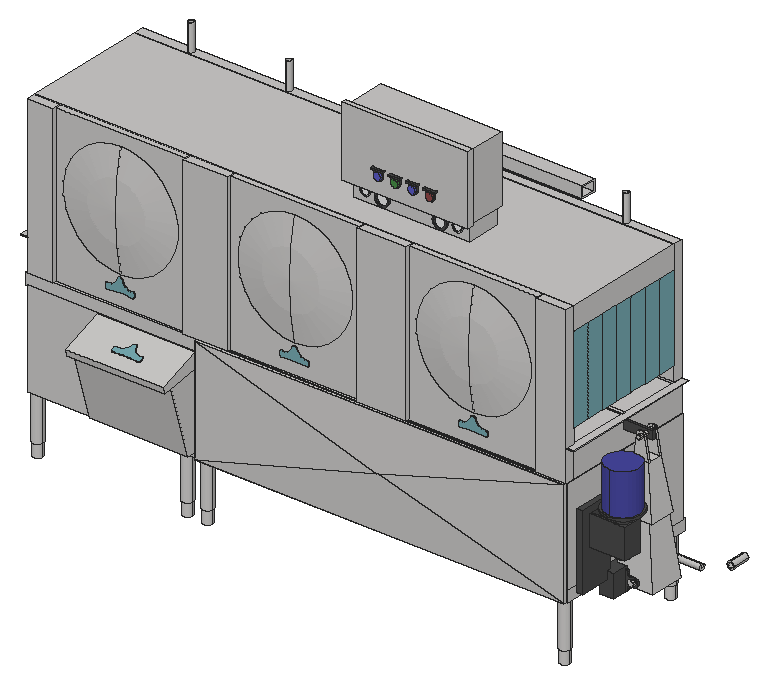
Revit family (continued)
Nested families (in)
  nested 2: "QF_Stero_ER-94S_L-R_S_HW2" at (-1.67228, -48.75, 0), Plumbing Remarks <- "Building Plumbing Remarks", Hot Water Temperature <- "Building Hot Water Temperature", Hot Water Size <- "Building Hot Water Size", Hot Water RI Height <- "Building Hot Water RI Height", Hot Water Minimum Pressure <- "Building Hot Water Minimum Pressure", Hot Water Maximum Pressure <- "Building Hot Water Maximum Pressure", Hot Water Flow <- "Building Hot Water Flow", Hot Water Consumption <- "Building Hot Water Consumption", Hot Water Connection Height <- "Building Hot Water Connection Height", Item Number <- "Building HW Item Number", type "Nested"
    with Plumbing Remarks "", Item Number "-", Hot Water Temperature 140 °F, Hot Water Size Radius 3/8", Hot Water Size 3/4", Hot Water RI Height 0' - 0", Hot Water Minimum Pressure 20.00 psi, Hot Water Maximum Pressure 20.00 psi, Hot Water Flow 0.00 GPM, Hot Water Consumption 2.00 GPM, Hot Water Connection Height 5' - 0"
Connectors (in)
  piping at (61.32772, -51, 6), driven by "Indirect Waste Flow"
    settings: on Extrusion 67, index 1, connector radius 1", flow factor 0, pipe flow 0.00 GPM, pressure drop 0.00 psi, fitting loss kfactor 0, connector angle 0.00°, fixture units 0, flow configuration 1, flow direction 2, fitting loss method 0, system type 16, connector reference index -1, connector utility 0, adjustable connector no, is connector primary yes, fitting loss table "", connector description "Indirect Waste"
  piping at (57.32772, -48.75, 60), driven by "Hot Water Flow"
    settings: on Extrusion 63, index 2, connector radius 3/8", flow factor 0, pipe flow 2.01 GPM, pressure drop 0.00 psi, fitting loss kfactor 0, connector angle 0.00°, fixture units 0, flow configuration 1, flow direction 1, fitting loss method 0, system type 19, connector reference index -1, connector utility 0, adjustable connector no, is connector primary no, fitting loss table "", connector description "Booster Hot Water"
  electrical at (44.32772, -59.9375, 68.5), driven by "Number of Poles", driven by "Volts", driven by "Apparent Power"
    settings: on Extrusion 66, index 3, voltage 208 V, apparent load 6441.14 VA, apparent load phase1 0 VA, apparent load phase2 0 VA, apparent load phase3 0 VA, power factor 1, load classification "Other", number of poles 1, system type 30, power factor state 1, is connector primary yes, connector utility no, sub classification motor no, connector description "Electric"
  hvac at (71.32772, -60.5, 59.5), driven by "Right Exhaust Volume", driven by "Right Exhaust Vent Depth", driven by "Right Exhaust Vent Width", driven by "Right Exhaust Vent Text"
    settings: on cut or joined group of Extrusion 44, Extrusion 45, index 5, duct flow 0 CFM, flow factor 0, pres drop 0.00 in-wg, loss coef 0, conn angle 0.00°, conn width 3 7/8", conn height 24 7/8", conn radius 12", duct sys type 3, conn prof type 1, flow config 1, flow direction 2, loss method 0, conn ref index -1, conn util no, is conn primary no, conn desc "Vent, Unload End"
  piping at (-1.17228, -48.75, 60), driven by "Building Hot Water Flow"
    settings: on Extrusion 77, index 7, connector radius 3/8", flow factor 0, pipe flow 0.00 GPM, pressure drop 0.00 psi, fitting loss kfactor 0, connector angle 0.00°, fixture units 0, flow configuration 1, flow direction 1, fitting loss method 0, system type 19, connector reference index -1, connector utility 0, adjustable connector no, is connector primary no, fitting loss table "", connector description "Building Hot Water"
  hvac at (-32.17228, -60.5, 59.5), driven by "Exhaust Volume", driven by "Exhaust Vent Depth", driven by "Exhaust Vent Width", driven by "Exhaust Vent Text"
    settings: on cut or joined group of Extrusion 81, Extrusion 95, index 8, duct flow 0 CFM, flow factor 0, pres drop 0.00 in-wg, loss coef 0, conn angle 0.00°, conn width 3 7/8", conn height 24 7/8", conn radius 12", duct sys type 3, conn prof type 1, flow config 0, flow direction 2, loss method 0, conn ref index -1, conn util no, is conn primary yes, conn desc "Vent, Load End"
  piping at (-18.17228, -48.75, 60), driven by "Cold Water Flow"
    settings: on Extrusion 96, index 9, connector radius 3/8", flow factor 0, pipe flow 0.00 GPM, pressure drop 0.00 psi, fitting loss kfactor 0, connector angle 0.00°, fixture units 0, flow configuration 1, flow direction 1, fitting loss method 0, system type 20, connector reference index -1, connector utility 0, adjustable connector no, is connector primary no, fitting loss table "", connector description "Cold Water"
  piping at (-6.17228, -51, 6), driven by "Indirect Waste Flow"
    settings: on Extrusion 91, index 10, connector radius 1", flow factor 0, pipe flow 0.00 GPM, pressure drop 0.00 psi, fitting loss kfactor 0, connector angle 0.00°, fixture units 0, flow configuration 1, flow direction 2, fitting loss method 0, system type 16, connector reference index -1, connector utility 0, adjustable connector no, is connector primary no, fitting loss table "", connector description "Indirect Waste"
  piping at (72.32772, -51, 8)
    settings: on Sweep 107, index 11, connector radius 3/8", flow factor 0, pipe flow 0.00 GPM, pressure drop 0.00 psi, fitting loss kfactor 0, connector angle 0.00°, fixture units 0, flow configuration 1, flow direction 2, fitting loss method 0, system type 8, connector reference index -1, connector utility 0, adjustable connector no, is connector primary no, fitting loss table "", connector description "Condensate Return"
  piping at (77.32772, -51, 10), driven by "Steam Supply Volume"
    settings: on Extrusion 106, index 12, connector radius 1/2", flow factor 0, pipe flow 0.00 GPM, pressure drop 0.00 psi, fitting loss kfactor 0, connector angle 0.00°, fixture units 0, flow configuration 1, flow direction 1, fitting loss method 0, system type 7, connector reference index -1, connector utility 0, adjustable connector no, is connector primary no, fitting loss table "", connector description "Steam Supply"
Definition of nested family "QF_Stero_ER-94S_L-R_S_EX"
  Parameters (values of type "Nested")
    Watermarked By = "http://revitwatermark.com"
    Ventilation Remarks [instance] = ""
    Type Comments = "⍁⍉⌁⌀⏭⎽⌇⍠⌜⍉⎖⌥⌦⌯⍭⏊⍻⍿⍊⏵⍊⏗⏠⍴⎡⌈⎀⍠⌓⌤⏘⎐⍀⌐⏬⏁⎈⏍⏦⎒⏬⌝⍩⍇⌣〈⎫〉⎁⏊⍥⍖⍥⍝⍦⌖⍀⏌⏭⎝⎼⏷⏞⍻⏯⎽⏷⏞⍻⏯⎽⏷⎺⌻⎝⍎⌧⏷⏟⏿⌿⍜⍦⍤⌁⍬⏶⏎⍊⏚⏉⎞⌡⎀⎪⏈⌟⌿⍾⍼⌟⌿⌢⏮⏝⏝⏛⎽⎻⎷⎳⎻⎗⌾⍼⎴⏿⏰⏑⏮⍮⍺⏼⏅⎏⌽⌻⍽⎝⍮⎧⎯⏛⎼⎮⍾⏬⏇⏎⏳⏦⏠⎧⎳⍷⏿⌏"
    Item Number [instance] = "-"
    Exhaust Volume [instance] = 0 CFM
    Exhaust Vent Width [instance] = 1' - 4"
    Exhaust Vent Depth [instance] = 0' - 4"
    Exhaust Static Press [instance] = 0.00 in-wg
    Exhaust RI Height [instance] = 0' - 0"
    Description = ""
    Assembly Code = ""
  Reference planes (in)
    plane 1 "Center (Back)": y = 0
    plane 2: z = 0
    plane 3 "Center (Left)": x = 0
    plane 4: x = 16
    plane 5: y = -4
  Lines and regions (in)
    symbolic lines, style "QF_Multiple Utilities"
      curve 1: line (0, 0, 0) -> (16, 0, 0)
      curve 2: line (0, -4, 0) -> (0, 0, 0)
      curve 3: line (16, -4, 0) -> (0, -4, 0)
      curve 4: line (16, 0, 0) -> (16, -4, 0)
      curve 5: line (16, 0, 0) -> (0, -4, 0)
      curve 6: line (0, 0, 0) -> (16, -4, 0)
  Dimensions and locks (in)
    "Exhaust Vent Width": plane 3 "Center (Left)" to plane 4
    "Exhaust Vent Depth": plane 1 "Center (Back)" to plane 5
    aligned and locked: level to plane 2
    aligned and locked: plane 1 "Center (Back)" to curve 1
    aligned and locked: plane 3 "Center (Left)" to curve 2
    aligned and locked: curve 3 to plane 5
    aligned and locked: curve 4 to plane 4
Definition of nested family "QF_Stero_ER-94S_L-R_S_HW2"
  Parameters (values of type "Nested")
    Watermarked By = "http://revitwatermark.com"
    Type Comments = "⍁⍉⌁⌀⏭⎽⌇⍠⌜⍉⎖⌥⌦⌯⍭⏊⍻⍿⍊⏵⍊⏗⏠⍴⎡⌈⎀⍠⌓⌤⏘⎐⍀⌐⏬⏁⎈⏍⏦⎒⏬⌝⍩⍇⌣〈⎫〉⎁⏊⍥⍖⍥⍝⍦⌖⍀⏌⏭⎝⎼⏷⏞⍻⏯⎽⏷⏞⍻⏯⎽⏷⎺⌻⎝⍎⌧⏷⏟⏿⌿⍜⍦⍤⌁⍬⏶⏎⍊⏚⏉⎞⌡⎀⎪⏈⌟⌿⍾⍼⌟⌿⌢⏮⏝⏝⏛⎽⎻⎷⎳⎻⎗⌾⍼⎴⏿⏰⏑⏮⍮⍺⏼⏅⎏⌽⌻⍽⎝⍮⎧⎯⏛⎼⎮⍾⏬⏇⏎⏳⏦⏠⎧⎳⍷⏿⌏"
    Plumbing Remarks [instance] = ""
    Item Number [instance] = "-"
    Hot Water Temperature [instance] = 0 °F
    Hot Water Size [instance] = 1/4"
    Hot Water RI Height [instance] = 0' - 0"
    Hot Water Minimum Pressure [instance] = 0.00 psi
    Hot Water Maximum Pressure [instance] = 0.00 psi
    Hot Water Flow [instance] = 0.00 GPM
    Hot Water Consumption [instance] = 0.00 GPM
    Hot Water Connection Height [instance] = 0' - 0"
    Description = ""
    Hot Water Size Radius [instance] = Hot Water Size / 2  # 1/8"
    Assembly Code = ""
  Reference planes (in)
    plane 1 "Center (Back)": y = 0
    plane 2: z = 0
    plane 3 "Center (Left)": x = 0
  Lines and regions (in)
    symbolic lines, style "QF_Multiple Utilities"
      curve 1: circle (0, 0, 0) r 0.125 normal (0, 0, 1)
  Dimensions and locks (in)
    "Hot Water Size Radius": radius of curve 1
    aligned and locked: level to plane 2
  Automatic sketch dimensions
    plane 1 "Center (Back)" to curve 1 = 0' - 0"
    curve 1 to plane 3 "Center (Left)" = 0' - 0"
Types (3): name | Watermarked By | Volts | FL Amps | Exhaust Vent Text | Apparent Power
  (no name) | "" | 208 V | 17.9 A | "Vent, Load End" | 6441.14 VA
  208/60/3 | "http://revitwatermark.com" | 208 V | 17.9 A | "Vent, Load End" | 6441.14 VA
  480/60/3 | "" | 480 V | 9.5 A | "" | 7888.8 VA
